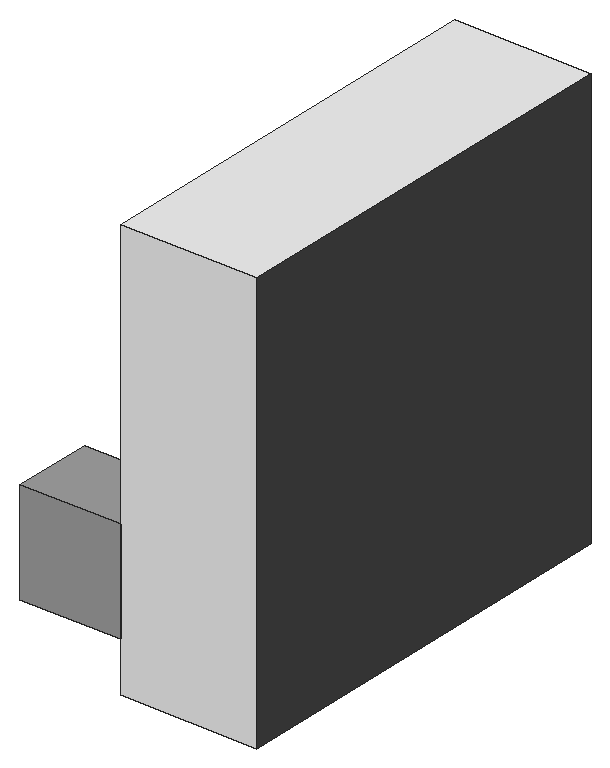
Revit family "HVAC_Ductwork_Airzone_Motorized-Rectangular-Grille-Damper_CPRR1", category Duct Accessories, Revit 2016
Family settings
  Part Type = Damper
  Round Connector Dimension = Use Diameter
  OmniClass Number = 23.75.70.14.34
  OmniClass Title = Air Duct Accessories
  Work Plane-Based = No
  Always vertical = Yes
  Cut with Voids When Loaded = No
  Shared = No
Parameters (values of type "INVALID TYPE - Use Load Family and Type Catalog instead")
  c2 = -2.621  # constant formula
  c1 = 0.000773  # constant formula
  Velocity [instance] = (Q / (36 * Ak)) * 1.0 m/s  # 0.755159 m/s
  URL = "www.airzone.es"
  Type Image Comments = "Image available in product documentation download"  # constant formula
  Type Comments = ""
  Revit Model Version = "1.0"  # constant formula
  Q [instance] = Flow / 1 m³/h  # 150
  Product Documentation Download URL = "http://doc.airzone.es/BIM/Motorized_air_diffusion/Airzone_CPRR.zip"
  Product Comments = "Refer to technical documentation for further details"  # constant formula
  Product Code = "INVALID – Type not loaded via type catalog"
  Model = Product Code  # "INVALID – Type not loaded via type catalog"
  Manufacturer = "AIRZONE"  # constant formula
  Main Material = Metal - AIRZONE - Aluminium - Satin
  Long Description = "Motorized element to control the air inlet of the zone when attached to any of the grilles listed below. Its operation is based on the opening/closing of motorized slats."  # constant formula
  Flow [instance] = 150 m³/h
  Finish = "Aluminium"
  Effective Area = (Duct Width - 13.7 mm) * (Duct Height - 16.5 mm)  # 551.76 cm²
  Duct Width = 250 mm
  Duct Height = 250 mm
  Disclaimer = "All information provided in this model is reviewed before being published. However, Airzone cannot guarantee this model is error-free, therefore users are strongly encouraged to check for technical documentation and updates"  # constant formula
  Description = "Motorized rectangular grille damper"  # constant formula
  Damper Width = Duct Width - 10.7 mm  # 239.3 mm
  Damper Length = 78 mm  # constant formula
  Damper Height = Duct Height - 8.5 mm  # 241.5 mm
  Compatible Accesories = "RSDR, RSDV, RLC1/RLC2, RL00, RL0V, RLQV, RLQ1/RLQ2, RDHV"  # constant formula
  Calculated Pressure Drop [instance] = ((c1 * (Ak ^ c2)) * (Q ^ 2)) * 1.0 Pa  # 0.197803 Pa
  Ak = Effective Area / 100.00 cm²  # 5.5176
  Actuator Description = "MAIR - Rectangular damper actuator - 12V, 40mA, 250mA max, 0.8 Nm"  # constant formula
  Accessories Material = Plastic - AIRZONE - Gray - Matte
Reference planes
  plane 1 "Center (Front/Back)": y = 0
  plane 2: z = 0
  plane 3 "Center (Left/Right)": x = 0
  plane 4 "Left": x = -39
  plane 5 "Right": x = 39
  plane 6 "Bottom": z = -120.75
  plane 7 "Top": z = 120.75
  plane 8 "Back": y = 119.65
  plane 9 "Front": y = -119.65
Forms (mm)
  Extrusion 1, solid, material "Metal - AIRZONE - Aluminium - Satin" <- "Main Material"
    sketch origin (0, 0, 0) x (0, 1, 0) y (0, 0, 1)
      loop
        line (-119.65, 120.75) -> (-119.65, -120.75) -> (119.65, -120.75) -> (119.65, 120.75) -> (-119.65, 120.75)
    from -39 to 39
  Extrusion 2, solid, material "Plastic - AIRZONE - Gray - Matte" <- "Accessories Material", detail levels medium+fine
    sketch origin (0, -119.65, 0) x (-1, 0, 0) y (0, 0, 1)
      loop
        line (96.5, -33.05) -> (39, -33.05) -> (39, -92.05) -> (96.5, -92.05) -> (96.5, -33.05)
    from 0 to 46
Lines and regions (mm)
  symbolic lines, detail levels coarse
    curve 1: line (-96.5, -73.65, 0) -> (-96.5, -119.65, 0)
    curve 2: line (-96.5, -119.65, 0) -> (-39, -119.65, 0)
    curve 3: line (-39, 119.65, 0) -> (39, 119.65, 0)
    curve 4: line (-39, -119.65, 0) -> (-39, 119.65, 0)
    curve 5: line (39, -119.65, 0) -> (-39, -119.65, 0)
    curve 6: line (39, 119.65, 0) -> (39, -119.65, 0)
Dimensions and locks
  equal spacing: plane 4 "Left", plane 3 "Center (Left/Right)", plane 5 "Right"
  "Damper Length": plane 4 "Left" to plane 5 "Right"
  "Damper Height": plane 7 "Top" to plane 6 "Bottom"
  equal spacing: plane 7 "Top", level, plane 6 "Bottom"
  equal spacing: plane 8 "Back", plane 1 "Center (Front/Back)", plane 9 "Front"
  "Damper Width": plane 8 "Back" to plane 9 "Front"
  locked: Extrusion 2 sketch curve to plane 6 "Bottom" at 28.7
  locked: Extrusion 2 sketch curve to Extrusion 2 sketch curve at 59
  locked: plane 4 "Left" to Extrusion 2 sketch curve at 57.5
  locked: curve 1 to curve 1 at 46
  locked: curve 1 to plane 4 "Left" at 57.5
  aligned and locked: level to plane 2
  aligned and locked: Extrusion 1 to plane 4 "Left"
  aligned and locked: plane 5 "Right" to Extrusion 1
  aligned and locked: Extrusion 1 sketch curve to plane 7 "Top"
  aligned and locked: plane 9 "Front" to Extrusion 1 sketch curve
  aligned and locked: plane 6 "Bottom" to Extrusion 1 sketch curve
  aligned and locked: Extrusion 1 sketch curve to plane 8 "Back"
  aligned and locked: Extrusion 2 sketch curve to plane 4 "Left"
  aligned and locked: plane 9 "Front" to curve 5
  aligned and locked: curve 6 to plane 5 "Right"
  aligned and locked: curve 3 to plane 8 "Back"
  aligned and locked: plane 4 "Left" to curve 4
  aligned and locked: curve 2 to plane 9 "Front"
Connectors
  hvac at (-39, 0, 0), driven by "Calculated Pressure Drop", driven by "Flow", driven by "Duct Height", driven by "Duct Width"
    settings: on Extrusion 1, index 4, duct flow 150 m³/h, flow factor 0, pres drop 0.197803 Pa, loss coef 0, conn angle 0.00°, conn width 250 mm, conn height 250 mm, conn diameter 609.6 mm, duct sys type 29, conn prof type 1, flow config 0, flow direction 0, loss method 0, conn ref index 5, conn util no, is conn primary yes, conn desc "Damper Connection Main"
  hvac at (39, 0, 0), driven by "Flow", driven by "Duct Height", driven by "Duct Width"
    settings: on Extrusion 1, index 5, duct flow 150 m³/h, flow factor 0, pres drop 0.0 Pa, loss coef 0, conn angle 0.00°, conn width 250 mm, conn height 250 mm, conn diameter 609.6 mm, duct sys type 29, conn prof type 1, flow config 0, flow direction 0, loss method 0, conn ref index 4, conn util no, is conn primary no, conn desc "Damper Connection Secondary"
  electrical at (-96.5, -96.65, -62.55), driven by "Actuator Description"
    settings: on Extrusion 2, index 6, voltage 0 V, apparent load 0 VA, apparent load phase1 0 VA, apparent load phase2 0 VA, apparent load phase3 0 VA, power factor 1, load classification "Other", number of poles 1, system type 13, power factor state 1, is connector primary yes, connector utility no, sub classification motor no, connector description "MAIR - Rectangular damper actuator - 12V, 40mA, 250mA max, 0.8 Nm"
